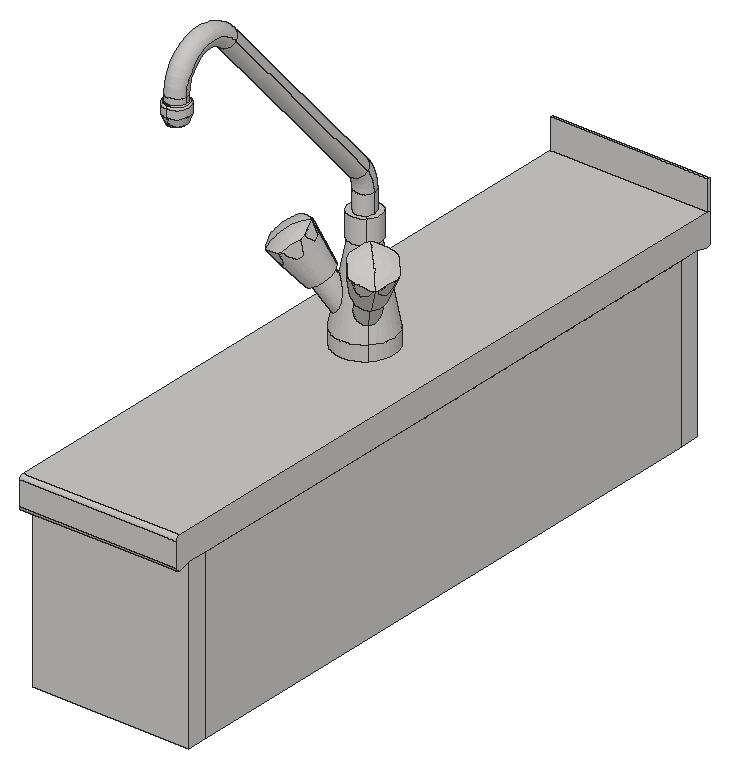
Revit family "QF_ELECTROLUXPROFESSIONAL_588711_MBEBBBBOOO", category Attrezzature speciali, Revit 2020
Family settings
  Quota connettore circolare = Usa diametro
  Tipo di parte = Normale
  Basato su piano di lavoro = No
  Sempre verticale = Sì
  Taglio con vuoti quando caricato = No
  Condiviso = No
  Punto di calcolo locali = No
Parameters (values of type "Standard")
  Weight = 15.50 kg
  Watts = 0 W
  Volts = 0 V
  URL Manufacturer = "https://www.electroluxprofessional.com/"
  URL = "https://www.electroluxprofessional.com/"
  Steam Supply Size = 0"
  Steam Supply Minimum Pressure = 0.00 psi
  Steam Supply Maximum Pressure = 0.00 psi
  Steam Consumption per Hour = 0
  Refrigeration Suction Line Size = 0 mm
  Refrigeration Liquid Line Size = 0 mm
  Refrigerant Compressor Remote = yes
  Prospetto di default = 0 mm
  Phase = 0
  Modello = "MBEBBBBOOO"
  Produttore = "Electrolux Professional"
  Length Actual = 200 mm  # constant formula
  Item Number = "588711"
  Hot Water Size = 3/4"
  Height Actual = 250 mm  # constant formula
  HP = "0 HP"
  Gas Size = 0"
  Gas KW = 0
  Gas Input Pressure = 0.0 Btu/h
  Direct Waste Size = 0"
  Descrizione = "WATER MIXING TAP,KNOBS,1S,BS,200X850X250"
  Depth Actual = 850 mm  # constant formula
  Cycle = 0 Hz
  Condensate Return Size = 0"
  Compressed Air Volume = 0 GPM
  Compressed Air Size = 0"
  Compressed Air Pressure = 0.00 psi
  Cold Water Size = 3/4"
  Accessory = yes
Reference planes
  plane 1 "BACK": y = 50
  plane 2: z = 0
  plane 3 "LEFT": x = 0
  plane 4 "RIGHT": x = 200
  plane 5 "FRONT": y = -800
  plane 6 "TOP": z = 900
  plane 7 "Center (Left/Right)": x = 100
  plane 8: y = -375
  plane 9 "Base": z = 650
  plane 10 "Panel": y = -755
  plane 11: z = 1375
  plane 12: x = 78
  plane 13 "HWCWx": x = 145
  plane 14 "HWCWy": y = -423
  plane 15: z = 1285
  plane 16: y = -416.65
  plane 17: y = -429.35
Forms (mm)
  Extrusion 1, solid, material "QF_Finishes_Stainless Steel"
    sketch origin (-178.969, -4572, 650) x (-1, 0, 0) y (0, -1, 0)
      loop
        line (-178.969, -4577) -> (-178.969, -3817) -> (-378.969, -3817) -> (-378.969, -4577) -> (-178.969, -4577)
    from 0 to 212.969
  Extrusion 2, solid, material "QF_Finishes_Stainless Steel"
    sketch origin (100, 296.4, 1219.2) x (0, 1, 0) y (0, 0, 1)
      loop
        line (-246.4, -319.2) -> (-1091.4, -319.2)
        arc (-1091.4, -319.2) -> (-1094.935, -320.664) -> (-1096.4, -324.2) r 5
        line (-1096.4, -324.2) -> (-1096.4, -355.2)
        arc (-1096.4, -355.2) -> (-1094.971, -358.264) -> (-1091.705, -359.139) r 4
        line (-1091.705, -359.139) -> (-1076.4, -356.231) -> (-266.4, -356.231) -> (-251.094, -359.139)
        arc (-251.094, -359.139) -> (-247.829, -358.264) -> (-246.4, -355.2) r 4
        line (-246.4, -355.2) -> (-246.4, -319.2)
    from -100 to 100
  Extrusion 3, solid, material "QF_Finishes_Stainless Steel"
    sketch origin (-178.969, -4572, 650) x (-1, 0, 0) y (0, -1, 0)
      loop
        line (-178.969, -4577) -> (-178.969, -3817) -> (-378.969, -3817) -> (-378.969, -4577) -> (-178.969, -4577)
    from 212.969 to 0
  Extrusion 4, solid, material "QF_Finishes_Stainless Steel"
    sketch origin (400, 296.4, 1219.2) x (0, 1, 0) y (0, 0, 1)
      loop
        line (-249.4, -319.2) -> (-246.4, -319.2) -> (-246.4, -281.2) -> (-249.4, -281.2) -> (-249.4, -319.2)
    from -400 to -200
  Extrusion 5, solid, material "QF_Finishes_Stainless Steel"
    sketch origin (100, 296.4, 1219.2) x (0, 1, 0) y (0, 0, 1)
      loop
        line (-1051.4, -569.2) -> (-1051.4, -356.231) -> (-1076.4, -356.231) -> (-1076.4, -569.2) -> (-1051.4, -569.2)
    from -100 to 100
  Extrusion 6, solid, material "QF_Finishes_Stainless Steel"
    sketch origin (-178.969, -4572, 650) x (-1, 0, 0) y (0, -1, 0)
      loop
        circle (-323.969, -4155.35) r 6.35
    from 0 to -12
  Extrusion 7, solid, material "QF_Finishes_Stainless Steel"
    sketch origin (-176.398, -4574.007, 650) x (-1, 0, 0) y (0, -1, 0)
      loop
        circle (-321.398, -4144.657) r 6.35
    from 0 to -12
  Extrusion 8, solid, material "QF_Finishes_Stainless Steel"
    sketch origin (0, 0, 0) x (0, 1, 0) y (0, 0, 1)
      loop
        line (30, 650) -> (30, 862.969) -> (5, 862.969) -> (5, 650) -> (30, 650)
    from 0 to 200
Lines and regions (mm)
  symbolic lines
    curve 1: line (0, 50, 650) -> (200, 50, 650)
    curve 2: line (0, -800, 650) -> (0, 50, 650)
    curve 3: line (200, -800, 650) -> (0, -800, 650)
    curve 4: line (200, 50, 650) -> (200, -800, 650)
    curve 5: line (0, 47, 0) -> (200, 47, 0)
Dimensions and locks
  plane 3 "LEFT" to plane 4 "RIGHT" = 200 mm
  plane 5 "FRONT" to plane 1 "BACK" = 850 mm
  equal spacing: plane 3 "LEFT", plane 7 "Center (Left/Right)", plane 4 "RIGHT"
  equal spacing: plane 5 "FRONT", plane 8, plane 1 "BACK"
  plane 6 "TOP" to level = 900 mm  (x2)
  plane 9 "Base" to level = 650 mm
  plane 1 "BACK" to plane 10 "Panel" = 805 mm
  plane 6 "TOP" to plane 9 "Base" to level = 250 mm, 650 mm
  plane 1 "BACK" to plane 5 "FRONT" = 850 mm
  plane 11 to plane 6 "TOP" = 475 mm
  plane 12 to plane 3 "LEFT" = 78 mm
  plane 10 "Panel" to plane 5 "FRONT" = 45 mm
  plane 13 "HWCWx" to plane 4 "RIGHT" = 55 mm
  plane 14 "HWCWy" to plane 1 "BACK" = 473 mm
  plane 15 to plane 6 "TOP" = 385 mm
  plane 16 to plane 14 "HWCWy" = 6.35 mm
  plane 14 "HWCWy" to plane 17 = 6.35 mm
  aligned and locked: level to plane 2
  aligned and locked: nested 1 to plane 8
Automatic sketch dimensions
  curve 5 to plane 3 "LEFT" = 0 mm
  curve 5 to plane 4 "RIGHT" = 0 mm
  plane 1 "BACK" to curve 5 = 3 mm
  Extrusion 1 sketch curve to plane 4 "RIGHT" = 0 mm
  Extrusion 1 sketch curve to plane 3 "LEFT" = 0 mm
  Extrusion 1 sketch curve to plane 10 "Panel" = 0 mm
  plane 1 "BACK" to Extrusion 1 sketch curve = 45 mm
  plane 1 "BACK" to curve 1 = 0 mm
  curve 1 to plane 4 "RIGHT" = 0 mm
  curve 3 to plane 3 "LEFT" = 0 mm
  plane 5 "FRONT" to curve 3 = 0 mm
  Extrusion 2 sketch curve to plane 5 "FRONT" = 0 mm
  Extrusion 2 sketch curve to plane 6 "TOP" = 0 mm
  Extrusion 2 sketch curve to plane 1 "BACK" = 0 mm
  Extrusion 2 sketch curve to Extrusion 2 sketch curve = 4 mm
  Extrusion 2 sketch curve to Extrusion 2 sketch curve = 0.695 mm
  Extrusion 2 sketch curve to plane 5 "FRONT" = 5 mm
  Extrusion 2 sketch curve to Extrusion 2 sketch curve = 15.305 mm
  plane 1 "BACK" to Extrusion 2 sketch curve = 20 mm
  plane 1 "BACK" to Extrusion 2 sketch curve = 4.695 mm
  plane 1 "BACK" to Extrusion 2 sketch curve = 4 mm
  Extrusion 2 sketch curve to Extrusion 2 sketch curve = 31 mm
  Extrusion 2 sketch curve to Extrusion 2 sketch curve = 36 mm
  Extrusion 2 sketch curve to Extrusion 2 sketch curve = 2.909 mm
  Extrusion 3 sketch curve to plane 4 "RIGHT" = 0 mm
  Extrusion 3 sketch curve to plane 3 "LEFT" = 0 mm
  Extrusion 3 sketch curve to plane 10 "Panel" = 0 mm
  plane 1 "BACK" to Extrusion 3 sketch curve = 45 mm
  Extrusion 4 sketch curve to plane 6 "TOP" = 0 mm
  Extrusion 4 sketch curve to plane 1 "BACK" = 0 mm
  plane 1 "BACK" to Extrusion 4 sketch curve = 3 mm
  plane 6 "TOP" to Extrusion 4 sketch curve = 38 mm
  Extrusion 6 sketch curve to plane 13 "HWCWx" = 0 mm
  Extrusion 6 sketch curve to plane 16 = 0 mm
  Extrusion 7 sketch curve to plane 13 "HWCWx" = 0 mm
  Extrusion 7 sketch curve to plane 17 = 0 mm
  Extrusion 8 sketch curve to plane 9 "Base" = 0 mm
  plane 10 "Panel" to Extrusion 8 sketch curve = 785 mm
  Extrusion 8 sketch curve to plane 5 "FRONT" = 805 mm
  Extrusion 8 sketch curve to plane 6 "TOP" = 37.031 mm
  Extrusion 5 sketch curve to plane 9 "Base" = 0 mm
  Extrusion 5 sketch curve to plane 10 "Panel" = 0 mm
  Extrusion 5 sketch curve to plane 5 "FRONT" = 20 mm
  Extrusion 5 sketch curve to plane 6 "TOP" = 37.031 mm
  radius of Extrusion 6 sketch curve = 6.35 mm
  radius of Extrusion 7 sketch curve = 6.35 mm
Nested families
  nested 1: "Rub2manop" at (100, -375, 900), type "Rub2manop"
Connectors
  piping at (145, -416.65, 638), diameter 19.05, driven by "Cold Water Size"
    settings: on Extrusion 6, index 1, connector inside diameter 24", connector length 0 mm, flow factor 0, pipe flow 0 GPM, pressure drop 0.00 psi, fitting loss kfactor 0, connector angle 0.00°, fixture units 0, engagement length 0 mm, angle of deflection 0.00°, flow configuration 1, flow direction 1, fitting loss method 0, system type 19, joint type 0, gender type 0, connector reference index -1, connector utility 0, adjustable connector no, is connector primary yes, connector description "Cold Water Inlet"
  piping at (145, -429.35, 638), diameter 19.05, driven by "Cold Water Size"
    settings: on Extrusion 7, index 2, connector inside diameter 24", connector length 0 mm, flow factor 0, pipe flow 0 GPM, pressure drop 0.00 psi, fitting loss kfactor 0, connector angle 0.00°, fixture units 0, engagement length 0 mm, angle of deflection 0.00°, flow configuration 1, flow direction 1, fitting loss method 0, system type 20, joint type 0, gender type 0, connector reference index -1, connector utility 0, adjustable connector no, is connector primary no, connector description "Cold Water Inlet"
Definition of nested family "Rub2manop"
  Parameters
    Default Elevation = 0 mm
  Reference planes
    plane 1 "Center (Front/Back)": y = 0
    plane 2: z = 0
    plane 3 "Center (Left/Right)": x = 0
    plane 4: through (0, -1.816, 19.983) normal (0, 0.829, 0.5592)
    plane 5: through (0, 1.816, 19.983) normal (0, 0.829, -0.5592)
    plane 6: z = 475
    plane 7: z = 385
    plane 8: y = -300
  Forms (mm)
    Revolve 1, solid
      sketch origin (0, 0, 0) x (0.707107, -0.707107, 0) y (0, 0, 1)
        loop
          line (-37.178, 0) -> (0, 0) -> (0, 152.75) -> (-20, 152.75) -> (-20, 122.711) -> (-16.973, 122.711) -> (-37.178, 18.761) -> (-37.178, 0)
        axis (0, 152.75) -> (0, 0)
      angle from 0 to 360
    Sweep 2, solid
      path origin (0, 0, 70) x (0, 1, 0) y (0, 0, 1)
        loop
          line (0, 82.75) -> (0, 107.023)
          arc (0, 107.023) -> (-2.868, 122.832) -> (-11.107, 136.626) r 45
          line (-11.107, 136.626) -> (-221.159, 377.123)
          arc (-221.159, 377.123) -> (-270.846, 389.579) -> (-300, 347.461) r 45
          line (-300, 347.461) -> (-300, 340)
      profile origin (0, 0, 164.887) x (0, -1, 0) y (1, 0, 0)
        loop
          circle (0, 0) r 12.5
    Revolve 3, solid
      sketch origin (0, 49.999, 152.116) x (0, 1, 0) y (0, 0, 1)
        loop
          line (-333.717, 244.264) -> (-333.717, 254.236)
          arc (-333.717, 254.236) -> (-334.434, 255.758) -> (-335.779, 256.77) r 3.5
          line (-335.779, 256.77) -> (-336.499, 257.884) -> (-349.999, 257.884) -> (-349.999, 233.05) -> (-339.2, 233.05)
          arc (-339.2, 233.05) -> (-338.052, 233.411) -> (-337.32, 234.365) r 2
          line (-337.32, 234.365) -> (-333.717, 244.264)
        axis (-349.999, 257.884) -> (-349.999, 233.05)
      angle from 0 to 360
    Revolve 4, solid
      sketch origin (6.565, -6.565, 13.502) x (-0.703233, 0.703233, -0.104528) y (0.073913, -0.073913, -0.994522)
        loop
          line (-12.287, -29.236) -> (-83.426, -114.015)
          arc (-83.426, -114.015) -> (-71.241, -121.894) -> (-57.494, -126.538) r 58.601
          line (-57.494, -126.538) -> (-27.071, -77.85) -> (-30.606, -74.315) -> (-1.681, -39.843) -> (-12.287, -29.236)
        axis (-12.287, -29.236) -> (-83.426, -114.015)
      angle from 0 to 360
    Extrusion 5, void
      sketch origin (-64.308, 64.308, 82.551) x (-0.707107, -0.707107, 0) y (0.586218, -0.586218, -0.559193)
        loop
          line (0, 82.664) -> (25.311, 97.277) -> (25.311, 126.504) -> (0, 141.117) -> (-25.311, 126.504) -> (-25.311, 97.277) -> (0, 82.664)
        loop
          line (-35, 73.481) -> (35, 73.481) -> (35, 150.258) -> (-35, 150.258) -> (-35, 73.481)
      from 99.488 to 151.47
    Revolve 6, solid
      sketch origin (-6.565, -6.565, 13.502) x (0.703233, 0.703233, -0.104528) y (0.073913, 0.073913, 0.994522)
        loop
          line (-12.287, 29.236) -> (-1.681, 39.843) -> (-30.606, 74.315) -> (-27.071, 77.85) -> (-57.494, 126.538)
          arc (-57.494, 126.538) -> (-71.241, 121.894) -> (-83.426, 114.015) r 58.601
          line (-83.426, 114.015) -> (-12.287, 29.236)
        axis (-12.287, 29.236) -> (-83.426, 114.015)
      angle from 0 to 360
    Extrusion 7, void
      sketch origin (64.308, 64.308, 82.551) x (0.707107, -0.707107, 0) y (0.586218, 0.586218, 0.559193)
        loop
          line (0, -82.664) -> (-25.311, -97.277) -> (-25.311, -126.504) -> (0, -141.117) -> (25.311, -126.504) -> (25.311, -97.277) -> (0, -82.664)
        loop
          line (-35, -73.481) -> (-35, -150.258) -> (35, -150.258) -> (35, -73.481) -> (-35, -73.481)
      from 99.488 to 151.47
  Cuts and joins
    Extrusion 5, Extrusion 7 cuts Revolve 4
    Extrusion 7 cuts Revolve 6
    joined: Revolve 1, Revolve 4, Revolve 6
  Lines and regions (mm)
    symbolic lines
      curve 1: arc (-12.5, -300, 0) -> (0, -312.5, 0) -> (12.5, -300, 0) r 12.5
      curve 2: arc (-12.5, -289.567, 0) -> (0, -316.282, 0) -> (12.5, -289.567, 0) r 16.282
      curve 3: line (12.5, -300, 0) -> (12.5, -35, 0)
      curve 4: line (-12.5, -300, 0) -> (-12.5, -36.463, 0)
      curve 5: arc (-12.5, -15.612, 0) -> (0, 20, 0) -> (12.5, -15.612, 0) r 20
      curve 6: arc (-35.645, -10.568, 0) -> (2.287, 37.108, 0) -> (34.078, -14.864, 0) r 37.178
      curve 7: spline (13.228, -34.745, 0) -> (13.239, -35.559, 0) -> (13.288, -36.365, 0) -> (13.374, -37.16, 0) -> (13.497, -37.944, 0) -> (13.657, -38.715, 0) -> (13.855, -39.47, 0) -> (14.088, -40.21, 0) -> (14.358, -40.932, 0) -> (14.663, -41.634, 0) -> (15.002, -42.315, 0) -> (15.376, -42.975, 0) -> (15.782, -43.611, 0)
      curve 8: spline (43.611, -15.782, 0) -> (40.794, -14.303, 0) -> (37.644, -13.445, 0) -> (34.273, -13.239, 0) -> (30.803, -13.693, 0) -> (27.359, -14.79, 0) -> (24.066, -16.49, 0) -> (21.041, -18.733, 0) -> (18.395, -21.437, 0) -> (16.223, -24.505, 0) -> (14.602, -27.827, 0) -> (13.592, -31.282, 0) -> (13.228, -34.745, 0)
      curve 9: line (13.228, -34.745, 0) -> (7.861, -29.378, 0)
      curve 10: line (34.644, -13.493, 0) -> (29.195, -8.044, 0)
      curve 11: arc (29.195, -8.044, 0) -> (15.24, -15.423, 0) -> (7.861, -29.378, 0) r 26.795
      curve 12: line (43.611, -15.782, 0) -> (63.195, -27.4, 0)
      curve 13: line (63.195, -27.4, 0) -> (78.806, -43.011, 0)
      curve 14: line (43.011, -78.806, 0) -> (27.319, -63.114, 0)
      curve 15: line (27.319, -63.114, 0) -> (15.782, -43.611, 0)
      curve 16: line (29.21, -65.005, 0) -> (28.397, -59.939, 0)
      curve 17: line (35.372, -40.158, 0) -> (40.158, -35.372, 0)
      curve 18: line (59.939, -28.397, 0) -> (65.005, -29.21, 0)
      curve 19: line (59.939, -28.397, 0) -> (40.158, -35.372, 0)
      curve 20: line (35.372, -40.158, 0) -> (28.397, -59.939, 0)
      curve 21: line (59.939, -28.397, 0) -> (53.555, -26.199, 0)
      curve 22: line (53.555, -26.199, 0) -> (47.458, -25.233, 0)
      curve 23: arc (47.458, -25.233, 0) -> (42.154, -26.754, 0) -> (39.911, -31.794, 0) r 6.527
      curve 24: line (39.911, -31.794, 0) -> (40.158, -35.372, 0)
      curve 25: line (28.397, -59.939, 0) -> (26.199, -53.555, 0)
      curve 26: line (26.199, -53.555, 0) -> (25.233, -47.458, 0)
      curve 27: arc (25.233, -47.458, 0) -> (26.754, -42.154, 0) -> (31.794, -39.911, 0) r 6.527
      curve 28: line (31.794, -39.911, 0) -> (35.372, -40.158, 0)
      curve 29: line (69.215, -71.475, 0) -> (71.475, -69.215, 0)
      curve 30: arc (78.806, -43.011, 0) -> (77.308, -56.719, 0) -> (71.475, -69.215, 0) r 42.239
      curve 31: arc (43.011, -78.806, 0) -> (56.719, -77.308, 0) -> (69.215, -71.475, 0) r 42.239
      curve 32: spline (-13.228, -34.745, 0) -> (-13.239, -35.559, 0) -> (-13.288, -36.365, 0) -> (-13.374, -37.16, 0) -> (-13.497, -37.944, 0) -> (-13.657, -38.715, 0) -> (-13.855, -39.47, 0) -> (-14.088, -40.21, 0) -> (-14.358, -40.932, 0) -> (-14.663, -41.634, 0) -> (-15.002, -42.315, 0) -> (-15.376, -42.975, 0) -> (-15.782, -43.611, 0)
      curve 33: spline (-43.611, -15.782, 0) -> (-40.794, -14.303, 0) -> (-37.644, -13.445, 0) -> (-34.273, -13.239, 0) -> (-30.803, -13.693, 0) -> (-27.359, -14.79, 0) -> (-24.066, -16.49, 0) -> (-21.041, -18.733, 0) -> (-18.395, -21.437, 0) -> (-16.223, -24.505, 0) -> (-14.602, -27.827, 0) -> (-13.592, -31.282, 0) -> (-13.228, -34.745, 0)
      curve 34: line (-13.228, -34.745, 0) -> (-7.861, -29.378, 0)
      curve 35: line (-34.386, -13.235, 0) -> (-29.195, -8.044, 0)
      curve 36: arc (-29.195, -8.044, 0) -> (-15.24, -15.423, 0) -> (-7.861, -29.378, 0) r 26.795
      curve 37: line (-43.611, -15.782, 0) -> (-63.195, -27.4, 0)
      curve 38: line (-63.195, -27.4, 0) -> (-78.806, -43.011, 0)
      curve 39: line (-43.011, -78.806, 0) -> (-27.319, -63.114, 0)
      curve 40: line (-27.319, -63.114, 0) -> (-15.782, -43.611, 0)
      curve 41: line (-29.21, -65.005, 0) -> (-28.397, -59.939, 0)
      curve 42: line (-35.372, -40.158, 0) -> (-40.158, -35.372, 0)
      curve 43: line (-59.939, -28.397, 0) -> (-65.005, -29.21, 0)
      curve 44: line (-59.939, -28.397, 0) -> (-40.158, -35.372, 0)
      curve 45: line (-35.372, -40.158, 0) -> (-28.397, -59.939, 0)
      curve 46: line (-59.939, -28.397, 0) -> (-53.555, -26.199, 0)
      curve 47: line (-53.555, -26.199, 0) -> (-47.458, -25.233, 0)
      curve 48: arc (-47.458, -25.233, 0) -> (-42.154, -26.754, 0) -> (-39.911, -31.794, 0) r 6.527
      curve 49: line (-39.911, -31.794, 0) -> (-40.158, -35.372, 0)
      curve 50: line (-28.397, -59.939, 0) -> (-26.199, -53.555, 0)
      curve 51: line (-26.199, -53.555, 0) -> (-25.233, -47.458, 0)
      curve 52: arc (-25.233, -47.458, 0) -> (-26.754, -42.154, 0) -> (-31.794, -39.911, 0) r 6.527
      curve 53: line (-31.794, -39.911, 0) -> (-35.372, -40.158, 0)
      curve 54: line (-69.215, -71.475, 0) -> (-71.475, -69.215, 0)
      curve 55: arc (-78.806, -43.011, 0) -> (-77.308, -56.719, 0) -> (-71.475, -69.215, 0) r 42.239
      curve 56: arc (-43.011, -78.806, 0) -> (-56.719, -77.308, 0) -> (-69.215, -71.475, 0) r 42.239
      curve 57: spline (12.5, -221.159, 0) -> (12.074, -218.727, 0) -> (10.825, -216.459, 0) -> (8.839, -214.513, 0) -> (6.25, -213.019, 0) -> (3.235, -212.08, 0) -> (0, -211.759, 0) -> (-3.235, -212.08, 0) -> (-6.25, -213.019, 0) -> (-8.839, -214.513, 0) -> (-10.825, -216.459, 0) -> (-12.074, -218.727, 0) -> (-12.5, -221.159, 0)
      curve 58: arc (-12.5, 0, 0) -> (0, 12.5, 0) -> (12.5, 0, 0) r 12.5
      curve 59: arc (-12.001, -12.001, 0) -> (0, 16.973, 0) -> (12.001, -12.001, 0) r 16.973
      curve 60: line (-12.5, -18.633, 0) -> (-12.5, 0, 0)
      curve 61: line (12.5, -18.633, 0) -> (12.5, 0, 0)
  Dimensions and locks
    plane 7 to level = 385 mm
    plane 6 to level = 475 mm
    plane 1 "Center (Front/Back)" to plane 8 = 300 mm
    aligned and locked: level to plane 2
